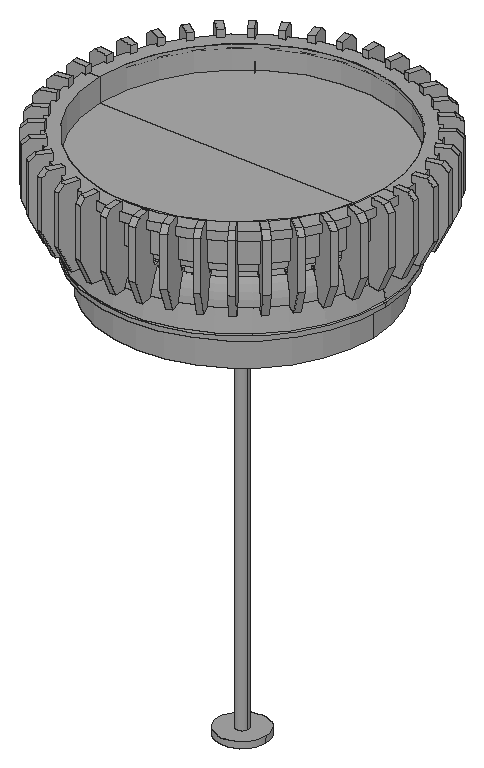
Revit family "KSL_Kemlux-Pendant", category Lighting Fixtures, host Face, Revit 2021
Family settings
  Host = Face
  Round Connector Dimension = Use Diameter
  Part Type = Normal
  OmniClass Number = 23.80.70.14
  OmniClass Title = Luminaries for External Lighting
  Cut with Voids When Loaded = No
  Light Source = Yes
  Shared = No
  Room Calculation Point = No
Parameters (values of type "KSL-18L-X-5K-5M")
  Wattage Comments = "43 Watts"
  Wattage = 43 W
  Watt = 43 W
  built-in parameter 1150110 = 1 (stored number, unit not read)
  Voltage = 277 V
  URL = "https://www.currentlighting.com/columbia"
  built-in parameter 1114217 = 1 (stored number, unit not read)
  Tilt Angle = -90.00°
  built-in parameter 1150109 = 1 (stored number, unit not read)
  built-in parameter 1150134 = 2
  built-in parameter 1150113 = 1 (stored number, unit not read)
  Product Page URL = ""
  Product Documentation Link = ""
  Power Factor = 1
  Photometric Web File = "KXL-18L-X-5K-5M.ies"
  Pendant Height [instance] = 1' - 10 3/4"
  Optics = "Type V Square"
  Mount = "Pendant Mount"  # constant formula
  Model = "KSL - Kemlux III LED Series"  # constant formula
  Material Finish = Powdercoat - Gray
  Manufacturer = " Columbia Lighting"  # constant formula
  built-in parameter 1150105 = 352.45 (stored number, unit not read)
  Lumens = 4429 lm
  built-in parameter 1150115 = 1 (stored number, unit not read)
  Load Classification = Lighting
  built-in parameter 1150137 = (empty or 0)
  built-in parameter 1150139 = (empty or 0)
  built-in parameter 1150112 = 1 (stored number, unit not read)
  built-in parameter 1150114 = 1 (stored number, unit not read)
  Lamp = "18 High Performanc LEDs"
  built-in parameter 1150132 = (empty or 0)
  built-in parameter 1150102 = (empty or 0)
  built-in parameter 1150107 = 5000 (stored number, unit not read)
  built-in parameter 1150138 = (empty or 0)
  built-in parameter 1150106 = 3.5245 (stored number, unit not read)
  Glass = White Glass
  Emit from Circle Diameter = 0' - 11"
  Emit Shape Visible in Rendering = no
  built-in parameter 1150104 = 9.569 (stored number, unit not read)
  Dimming Lamp Color Temperature Shift = <None>
  Description = "Enclosed and gasketed LED fixture series"  # constant formula
  Default Elevation = 4' - 0"
  Color Filter = 16777215
  built-in parameter 1114218 = 1 (stored number, unit not read)
  built-in parameter 1150133 = 10 (stored number, unit not read)
  Apparent Load = Watt / Power Factor  # 43 VA
Reference planes (in)
  plane 1 "Center (Front/Back)": y = 0
  plane 2: z = 0
  plane 3 "Center (Left/Right)": x = 0
  plane 4: z = 0.25
  plane 5: z = 16.75
  plane 6: z = 22.75
  plane 7: z = 18.06
Forms (in)
  Extrusion 1, solid, material "Powdercoat - Gray" <- "Material Finish"
    sketch origin (0, 0, 0) x (1, 0, 0) y (0, 1, 0)
      loop
        circle (0, 0) r 1
    from 0 to 0.25
  Extrusion 2, solid, material "Powdercoat - Gray" <- "Material Finish"
    sketch origin (0, 0, 0) x (1, 0, 0) y (0, 1, 0)
      loop
        circle (0, 0) r 0.25
    from 16.75 to 0.25
  Extrusion 3, solid, material "Powdercoat - Gray" <- "Material Finish"
    sketch origin (0, 0, 0) x (1, 0, 0) y (0, 1, 0)
      loop
        circle (0, 0) r 5.5
    from 18.06 to 16.75
Lines and regions (in)
  reference lines
    curve 1: line (-5.55547, 0, 5.53932) -> (10.19453, 0, 5.53932)
    curve 2: line (7.29478, 0, 7.53677) -> (-0.62911, 0, -2.76915)
Dimensions and locks (in)
  locked: plane 4 to plane 2 at 0.25
  locked: plane 6 to plane 5 at 6
  locked: plane 7 to plane 5 at 1.31
  "Pendant Height": plane 6 to plane 2
  radius of Extrusion 3 sketch curve = 0' - 5 1/2"
  aligned and locked: plane 2 to host face
  aligned and locked: level to host face
  aligned and locked: plane 3 "Center (Left/Right)" to imposter light
  aligned and locked: imposter light to plane 1 "Center (Front/Back)"
  aligned and locked: plane 4 to Extrusion 1
  aligned and locked: Extrusion 1 to plane 2
  aligned and locked: plane 5 to Extrusion 2
  aligned and locked: Extrusion 2 to Extrusion 1
  aligned and locked: plane 7 to Extrusion 3
  aligned and locked: Extrusion 3 to plane 5
  aligned and locked: plane 3 "Center (Left/Right)" to nested 1
  aligned and locked: plane 1 "Center (Front/Back)" to nested 1
  aligned and locked: imposter light to plane 6
Automatic sketch dimensions
  host sketch curve to host sketch curve = 8' - 0"  (x2)
  curve 1 to plane 3 "Center (Left/Right)" = 0' - 5.55547"
  curve 2 to plane 3 "Center (Left/Right)" = 0' - 0.62911"
  plane 3 "Center (Left/Right)" to curve 2 = 0' - 7.29478"
  curve 2 to curve 1 = 0' - 2.89976"
  curve 2 to level = 0' - 2.76915"
  plane 4 to curve 1 = 0' - 5.28932"
  curve 1 to curve 2 = 0' - 1.99745"
  plane 1 "Center (Front/Back)" to Extrusion 1 sketch curve = 0' - 0"
  Extrusion 1 sketch curve to plane 3 "Center (Left/Right)" = 0' - 0"
  plane 1 "Center (Front/Back)" to Extrusion 2 sketch curve = 0' - 0"
  Extrusion 2 sketch curve to plane 3 "Center (Left/Right)" = 0' - 0"
  plane 1 "Center (Front/Back)" to Extrusion 3 sketch curve = 0' - 0"
  Extrusion 3 sketch curve to plane 3 "Center (Left/Right)" = 0' - 0"
  radius of Extrusion 1 sketch curve = 0' - 1"
  radius of Extrusion 2 sketch curve = 0' - 0 1/4"
Nested families (in)
  nested 1: "KSL" at (0, 0, 18.06), type "KSL"
Connectors (in)
  electrical at (0, 0, 0), driven by "Load Classification", driven by "Voltage", driven by "Apparent Load", driven by "Power Factor"
    settings: on Extrusion 1, index 1, voltage 277 V, apparent load 43 VA, apparent load phase1 0 VA, apparent load phase2 0 VA, apparent load phase3 0 VA, power factor 1, load classification "Lighting", number of poles 1, system type 30, power factor state 1, is connector primary yes, connector utility no, sub classification motor no, connector description "Lighting Connector"
Definition of nested family "KSL"
  Parameters
    Wattage Comments = ""
    URL = ""
    Model = ""
    Material Finish = none
    Manufacturer = ""
    Lamp = ""
    IES FILE LINK = ""
    Glass = none
    Description = ""
    Default Elevation = 4' - 0"
    Apparent Load = 0 VA
  Reference planes (in)
    plane 1 "Center (Front/Back)": y = 0
    plane 2: z = 0
    plane 3 "Center (Left/Right)": x = 0
    plane 4: x = -7.25
    plane 5: x = 7.25
    plane 6: x = -5.5
    plane 7: x = 5.5
  Forms (in)
    Extrusion 1, solid
      sketch origin (0, 0, 0) x (1, 0, 0) y (0, 1, 0)
        loop
          line (-48, 48) -> (-48, -48) -> (48, -48) -> (48, 48) -> (-48, 48)
      from 0 to -12
    Revolve 2, solid, material <- "Material Finish"
      sketch origin (0, 0, -1.3125) x (1, 0, 0) y (0, 0, 1)
        loop
          line (5.73742, 2.6875) -> (6.24933, 2.6875)
          arc (6.24933, 2.6875) -> (6.15662, 3.19814) -> (5.89032, 3.6436) r 1.45262
          line (5.89032, 3.6436) -> (5.5, 3.6436) -> (5.5, 4.37254) -> (6.34375, 4.37254) -> (6.34375, 5.37007) -> (6.59375, 5.37007) -> (6.59375, 5.71977) -> (5.95302, 5.71977) -> (5.95302, 4.75) -> (0, 4.75) -> (0, 1.3125) -> (6, 1.3125) -> (6, 1.47979) -> (5.5, 1.47979) -> (5.5, 1.5625) -> (5.99031, 1.5625) -> (5.73742, 2.6875)
        axis (0, 5.71977) -> (0, 1.3125)
      angle from 0 to 360
    Extrusion 3, solid, material <- "Glass"
      sketch origin (0, 0, -1.3125) x (1, 0, 0) y (0, 1, 0)
        loop
          circle (0, 0) r 5.95302
      from 5.71977 to 5.56262
    Extrusion 4, solid, material <- "Material Finish"
      sketch origin (0, 0, -1.3125) x (1, 0, 0) y (0, 0, 1)
        loop
          line (6.42821, 6) -> (6.42821, 5.66655) -> (6.045, 3.7335) -> (5.75, 3.7335) -> (5.75, 3.06247) -> (6.1875, 3.06247) -> (6.31956, 2.66852) -> (6.75, 2.66852) -> (7.25, 3.69367) -> (7.25, 5.75) -> (7, 6) -> (6.42821, 6)
      from 0.125 to -0.125
    Extrusion 5, solid, material <- "Material Finish"
      sketch origin (0, 0, -1.3125) x (0.987688, -0.156434, 0) y (0, 0, 1)
        loop
          line (6.42821, 6) -> (6.42821, 5.66655) -> (6.045, 3.7335) -> (5.75, 3.7335) -> (5.75, 3.06247) -> (6.1875, 3.06247) -> (6.31956, 2.66852) -> (6.75, 2.66852) -> (7.25, 3.69367) -> (7.25, 5.75) -> (7, 6) -> (6.42821, 6)
      from 0.125 to -0.125
    Extrusion 6, solid, material <- "Material Finish"
      sketch origin (0, 0, -1.3125) x (0.951057, -0.309017, 0) y (0, 0, 1)
        loop
          line (6.42821, 6) -> (6.42821, 5.66655) -> (6.045, 3.7335) -> (5.75, 3.7335) -> (5.75, 3.06247) -> (6.1875, 3.06247) -> (6.31956, 2.66852) -> (6.75, 2.66852) -> (7.25, 3.69367) -> (7.25, 5.75) -> (7, 6) -> (6.42821, 6)
      from 0.125 to -0.125
    Extrusion 7, solid, material <- "Material Finish"
      sketch origin (0, 0, -1.3125) x (0.891007, -0.45399, 0) y (0, 0, 1)
        loop
          line (6.42821, 6) -> (6.42821, 5.66655) -> (6.045, 3.7335) -> (5.75, 3.7335) -> (5.75, 3.06247) -> (6.1875, 3.06247) -> (6.31956, 2.66852) -> (6.75, 2.66852) -> (7.25, 3.69367) -> (7.25, 5.75) -> (7, 6) -> (6.42821, 6)
      from 0.125 to -0.125
    Extrusion 8, solid, material <- "Material Finish"
      sketch origin (0, 0, -1.3125) x (0.809017, -0.587785, 0) y (0, 0, 1)
        loop
          line (6.42821, 6) -> (6.42821, 5.66655) -> (6.045, 3.7335) -> (5.75, 3.7335) -> (5.75, 3.06247) -> (6.1875, 3.06247) -> (6.31956, 2.66852) -> (6.75, 2.66852) -> (7.25, 3.69367) -> (7.25, 5.75) -> (7, 6) -> (6.42821, 6)
      from 0.125 to -0.125
    Extrusion 9, solid, material <- "Material Finish"
      sketch origin (0, 0, -1.3125) x (0.707107, -0.707107, 0) y (0, 0, 1)
        loop
          line (6.42821, 6) -> (6.42821, 5.66655) -> (6.045, 3.7335) -> (5.75, 3.7335) -> (5.75, 3.06247) -> (6.1875, 3.06247) -> (6.31956, 2.66852) -> (6.75, 2.66852) -> (7.25, 3.69367) -> (7.25, 5.75) -> (7, 6) -> (6.42821, 6)
      from 0.125 to -0.125
    Extrusion 10, solid, material <- "Material Finish"
      sketch origin (0, 0, -1.3125) x (0.587785, -0.809017, 0) y (0, 0, 1)
        loop
          line (6.42821, 6) -> (6.42821, 5.66655) -> (6.045, 3.7335) -> (5.75, 3.7335) -> (5.75, 3.06247) -> (6.1875, 3.06247) -> (6.31956, 2.66852) -> (6.75, 2.66852) -> (7.25, 3.69367) -> (7.25, 5.75) -> (7, 6) -> (6.42821, 6)
      from 0.125 to -0.125
    Extrusion 11, solid, material <- "Material Finish"
      sketch origin (0, 0, -1.3125) x (0.45399, -0.891007, 0) y (0, 0, 1)
        loop
          line (6.42821, 6) -> (6.42821, 5.66655) -> (6.045, 3.7335) -> (5.75, 3.7335) -> (5.75, 3.06247) -> (6.1875, 3.06247) -> (6.31956, 2.66852) -> (6.75, 2.66852) -> (7.25, 3.69367) -> (7.25, 5.75) -> (7, 6) -> (6.42821, 6)
      from 0.125 to -0.125
    Extrusion 12, solid, material <- "Material Finish"
      sketch origin (0, 0, -1.3125) x (0.309017, -0.951057, 0) y (0, 0, 1)
        loop
          line (6.42821, 6) -> (6.42821, 5.66655) -> (6.045, 3.7335) -> (5.75, 3.7335) -> (5.75, 3.06247) -> (6.1875, 3.06247) -> (6.31956, 2.66852) -> (6.75, 2.66852) -> (7.25, 3.69367) -> (7.25, 5.75) -> (7, 6) -> (6.42821, 6)
      from 0.125 to -0.125
    Extrusion 13, solid, material <- "Material Finish"
      sketch origin (0, 0, -1.3125) x (0.156434, -0.987688, 0) y (0, 0, 1)
        loop
          line (6.42821, 6) -> (6.42821, 5.66655) -> (6.045, 3.7335) -> (5.75, 3.7335) -> (5.75, 3.06247) -> (6.1875, 3.06247) -> (6.31956, 2.66852) -> (6.75, 2.66852) -> (7.25, 3.69367) -> (7.25, 5.75) -> (7, 6) -> (6.42821, 6)
      from 0.125 to -0.125
    Extrusion 14, solid, material <- "Material Finish"
      sketch origin (0, 0, -1.3125) x (0, -1, 0) y (0, 0, 1)
        loop
          line (6.42821, 6) -> (6.42821, 5.66655) -> (6.045, 3.7335) -> (5.75, 3.7335) -> (5.75, 3.06247) -> (6.1875, 3.06247) -> (6.31956, 2.66852) -> (6.75, 2.66852) -> (7.25, 3.69367) -> (7.25, 5.75) -> (7, 6) -> (6.42821, 6)
      from 0.125 to -0.125
    Extrusion 15, solid, material <- "Material Finish"
      sketch origin (0, 0, -1.3125) x (-0.156434, -0.987688, 0) y (0, 0, 1)
        loop
          line (6.42821, 6) -> (6.42821, 5.66655) -> (6.045, 3.7335) -> (5.75, 3.7335) -> (5.75, 3.06247) -> (6.1875, 3.06247) -> (6.31956, 2.66852) -> (6.75, 2.66852) -> (7.25, 3.69367) -> (7.25, 5.75) -> (7, 6) -> (6.42821, 6)
      from 0.125 to -0.125
    Extrusion 16, solid, material <- "Material Finish"
      sketch origin (0, 0, -1.3125) x (-0.309017, -0.951057, 0) y (0, 0, 1)
        loop
          line (6.42821, 6) -> (6.42821, 5.66655) -> (6.045, 3.7335) -> (5.75, 3.7335) -> (5.75, 3.06247) -> (6.1875, 3.06247) -> (6.31956, 2.66852) -> (6.75, 2.66852) -> (7.25, 3.69367) -> (7.25, 5.75) -> (7, 6) -> (6.42821, 6)
      from 0.125 to -0.125
    Extrusion 17, solid, material <- "Material Finish"
      sketch origin (0, 0, -1.3125) x (-0.45399, -0.891007, 0) y (0, 0, 1)
        loop
          line (6.42821, 6) -> (6.42821, 5.66655) -> (6.045, 3.7335) -> (5.75, 3.7335) -> (5.75, 3.06247) -> (6.1875, 3.06247) -> (6.31956, 2.66852) -> (6.75, 2.66852) -> (7.25, 3.69367) -> (7.25, 5.75) -> (7, 6) -> (6.42821, 6)
      from 0.125 to -0.125
    Extrusion 18, solid, material <- "Material Finish"
      sketch origin (0, 0, -1.3125) x (-0.587785, -0.809017, 0) y (0, 0, 1)
        loop
          line (6.42821, 6) -> (6.42821, 5.66655) -> (6.045, 3.7335) -> (5.75, 3.7335) -> (5.75, 3.06247) -> (6.1875, 3.06247) -> (6.31956, 2.66852) -> (6.75, 2.66852) -> (7.25, 3.69367) -> (7.25, 5.75) -> (7, 6) -> (6.42821, 6)
      from 0.125 to -0.125
    Extrusion 19, solid, material <- "Material Finish"
      sketch origin (0, 0, -1.3125) x (-0.707107, -0.707107, 0) y (0, 0, 1)
        loop
          line (6.42821, 6) -> (6.42821, 5.66655) -> (6.045, 3.7335) -> (5.75, 3.7335) -> (5.75, 3.06247) -> (6.1875, 3.06247) -> (6.31956, 2.66852) -> (6.75, 2.66852) -> (7.25, 3.69367) -> (7.25, 5.75) -> (7, 6) -> (6.42821, 6)
      from 0.125 to -0.125
    Extrusion 20, solid, material <- "Material Finish"
      sketch origin (0, 0, -1.3125) x (-0.809017, -0.587785, 0) y (0, 0, 1)
        loop
          line (6.42821, 6) -> (6.42821, 5.66655) -> (6.045, 3.7335) -> (5.75, 3.7335) -> (5.75, 3.06247) -> (6.1875, 3.06247) -> (6.31956, 2.66852) -> (6.75, 2.66852) -> (7.25, 3.69367) -> (7.25, 5.75) -> (7, 6) -> (6.42821, 6)
      from 0.125 to -0.125
    Extrusion 21, solid, material <- "Material Finish"
      sketch origin (0, 0, -1.3125) x (-0.891007, -0.45399, 0) y (0, 0, 1)
        loop
          line (6.42821, 6) -> (6.42821, 5.66655) -> (6.045, 3.7335) -> (5.75, 3.7335) -> (5.75, 3.06247) -> (6.1875, 3.06247) -> (6.31956, 2.66852) -> (6.75, 2.66852) -> (7.25, 3.69367) -> (7.25, 5.75) -> (7, 6) -> (6.42821, 6)
      from 0.125 to -0.125
    Extrusion 22, solid, material <- "Material Finish"
      sketch origin (0, 0, -1.3125) x (-0.951057, -0.309017, 0) y (0, 0, 1)
        loop
          line (6.42821, 6) -> (6.42821, 5.66655) -> (6.045, 3.7335) -> (5.75, 3.7335) -> (5.75, 3.06247) -> (6.1875, 3.06247) -> (6.31956, 2.66852) -> (6.75, 2.66852) -> (7.25, 3.69367) -> (7.25, 5.75) -> (7, 6) -> (6.42821, 6)
      from 0.125 to -0.125
    Extrusion 23, solid, material <- "Material Finish"
      sketch origin (0, 0, -1.3125) x (-0.987688, -0.156434, 0) y (0, 0, 1)
        loop
          line (6.42821, 6) -> (6.42821, 5.66655) -> (6.045, 3.7335) -> (5.75, 3.7335) -> (5.75, 3.06247) -> (6.1875, 3.06247) -> (6.31956, 2.66852) -> (6.75, 2.66852) -> (7.25, 3.69367) -> (7.25, 5.75) -> (7, 6) -> (6.42821, 6)
      from 0.125 to -0.125
    Extrusion 24, solid, material <- "Material Finish"
      sketch origin (0, 0, -1.3125) x (-1, 0, 0) y (0, 0, 1)
        loop
          line (6.42821, 6) -> (6.42821, 5.66655) -> (6.045, 3.7335) -> (5.75, 3.7335) -> (5.75, 3.06247) -> (6.1875, 3.06247) -> (6.31956, 2.66852) -> (6.75, 2.66852) -> (7.25, 3.69367) -> (7.25, 5.75) -> (7, 6) -> (6.42821, 6)
      from 0.125 to -0.125
    Extrusion 25, solid, material <- "Material Finish"
      sketch origin (0, 0, -1.3125) x (-0.987688, 0.156434, 0) y (0, 0, 1)
        loop
          line (6.42821, 6) -> (6.42821, 5.66655) -> (6.045, 3.7335) -> (5.75, 3.7335) -> (5.75, 3.06247) -> (6.1875, 3.06247) -> (6.31956, 2.66852) -> (6.75, 2.66852) -> (7.25, 3.69367) -> (7.25, 5.75) -> (7, 6) -> (6.42821, 6)
      from 0.125 to -0.125
    Extrusion 26, solid, material <- "Material Finish"
      sketch origin (0, 0, -1.3125) x (-0.951057, 0.309017, 0) y (0, 0, 1)
        loop
          line (6.42821, 6) -> (6.42821, 5.66655) -> (6.045, 3.7335) -> (5.75, 3.7335) -> (5.75, 3.06247) -> (6.1875, 3.06247) -> (6.31956, 2.66852) -> (6.75, 2.66852) -> (7.25, 3.69367) -> (7.25, 5.75) -> (7, 6) -> (6.42821, 6)
      from 0.125 to -0.125
    Extrusion 27, solid, material <- "Material Finish"
      sketch origin (0, 0, -1.3125) x (-0.891007, 0.45399, 0) y (0, 0, 1)
        loop
          line (6.42821, 6) -> (6.42821, 5.66655) -> (6.045, 3.7335) -> (5.75, 3.7335) -> (5.75, 3.06247) -> (6.1875, 3.06247) -> (6.31956, 2.66852) -> (6.75, 2.66852) -> (7.25, 3.69367) -> (7.25, 5.75) -> (7, 6) -> (6.42821, 6)
      from 0.125 to -0.125
    Extrusion 28, solid, material <- "Material Finish"
      sketch origin (0, 0, -1.3125) x (-0.809017, 0.587785, 0) y (0, 0, 1)
        loop
          line (6.42821, 6) -> (6.42821, 5.66655) -> (6.045, 3.7335) -> (5.75, 3.7335) -> (5.75, 3.06247) -> (6.1875, 3.06247) -> (6.31956, 2.66852) -> (6.75, 2.66852) -> (7.25, 3.69367) -> (7.25, 5.75) -> (7, 6) -> (6.42821, 6)
      from 0.125 to -0.125
    Extrusion 29, solid, material <- "Material Finish"
      sketch origin (0, 0, -1.3125) x (-0.707107, 0.707107, 0) y (0, 0, 1)
        loop
          line (6.42821, 6) -> (6.42821, 5.66655) -> (6.045, 3.7335) -> (5.75, 3.7335) -> (5.75, 3.06247) -> (6.1875, 3.06247) -> (6.31956, 2.66852) -> (6.75, 2.66852) -> (7.25, 3.69367) -> (7.25, 5.75) -> (7, 6) -> (6.42821, 6)
      from 0.125 to -0.125
    Extrusion 30, solid, material <- "Material Finish"
      sketch origin (0, 0, -1.3125) x (-0.587785, 0.809017, 0) y (0, 0, 1)
        loop
          line (6.42821, 6) -> (6.42821, 5.66655) -> (6.045, 3.7335) -> (5.75, 3.7335) -> (5.75, 3.06247) -> (6.1875, 3.06247) -> (6.31956, 2.66852) -> (6.75, 2.66852) -> (7.25, 3.69367) -> (7.25, 5.75) -> (7, 6) -> (6.42821, 6)
      from 0.125 to -0.125
    Extrusion 31, solid, material <- "Material Finish"
      sketch origin (0, 0, -1.3125) x (-0.45399, 0.891007, 0) y (0, 0, 1)
        loop
          line (6.42821, 6) -> (6.42821, 5.66655) -> (6.045, 3.7335) -> (5.75, 3.7335) -> (5.75, 3.06247) -> (6.1875, 3.06247) -> (6.31956, 2.66852) -> (6.75, 2.66852) -> (7.25, 3.69367) -> (7.25, 5.75) -> (7, 6) -> (6.42821, 6)
      from 0.125 to -0.125
    Extrusion 32, solid, material <- "Material Finish"
      sketch origin (0, 0, -1.3125) x (-0.309017, 0.951057, 0) y (0, 0, 1)
        loop
          line (6.42821, 6) -> (6.42821, 5.66655) -> (6.045, 3.7335) -> (5.75, 3.7335) -> (5.75, 3.06247) -> (6.1875, 3.06247) -> (6.31956, 2.66852) -> (6.75, 2.66852) -> (7.25, 3.69367) -> (7.25, 5.75) -> (7, 6) -> (6.42821, 6)
      from 0.125 to -0.125
    Extrusion 33, solid, material <- "Material Finish"
      sketch origin (0, 0, -1.3125) x (-0.156434, 0.987688, 0) y (0, 0, 1)
        loop
          line (6.42821, 6) -> (6.42821, 5.66655) -> (6.045, 3.7335) -> (5.75, 3.7335) -> (5.75, 3.06247) -> (6.1875, 3.06247) -> (6.31956, 2.66852) -> (6.75, 2.66852) -> (7.25, 3.69367) -> (7.25, 5.75) -> (7, 6) -> (6.42821, 6)
      from 0.125 to -0.125
    Extrusion 34, solid, material <- "Material Finish"
      sketch origin (0, 0, -1.3125) x (0, 1, 0) y (0, 0, 1)
        loop
          line (6.42821, 6) -> (6.42821, 5.66655) -> (6.045, 3.7335) -> (5.75, 3.7335) -> (5.75, 3.06247) -> (6.1875, 3.06247) -> (6.31956, 2.66852) -> (6.75, 2.66852) -> (7.25, 3.69367) -> (7.25, 5.75) -> (7, 6) -> (6.42821, 6)
      from 0.125 to -0.125
    Extrusion 35, solid, material <- "Material Finish"
      sketch origin (0, 0, -1.3125) x (0.156434, 0.987688, 0) y (0, 0, 1)
        loop
          line (6.42821, 6) -> (6.42821, 5.66655) -> (6.045, 3.7335) -> (5.75, 3.7335) -> (5.75, 3.06247) -> (6.1875, 3.06247) -> (6.31956, 2.66852) -> (6.75, 2.66852) -> (7.25, 3.69367) -> (7.25, 5.75) -> (7, 6) -> (6.42821, 6)
      from 0.125 to -0.125
    Extrusion 36, solid, material <- "Material Finish"
      sketch origin (0, 0, -1.3125) x (0.309017, 0.951057, 0) y (0, 0, 1)
        loop
          line (6.42821, 6) -> (6.42821, 5.66655) -> (6.045, 3.7335) -> (5.75, 3.7335) -> (5.75, 3.06247) -> (6.1875, 3.06247) -> (6.31956, 2.66852) -> (6.75, 2.66852) -> (7.25, 3.69367) -> (7.25, 5.75) -> (7, 6) -> (6.42821, 6)
      from 0.125 to -0.125
    Extrusion 37, solid, material <- "Material Finish"
      sketch origin (0, 0, -1.3125) x (0.45399, 0.891007, 0) y (0, 0, 1)
        loop
          line (6.42821, 6) -> (6.42821, 5.66655) -> (6.045, 3.7335) -> (5.75, 3.7335) -> (5.75, 3.06247) -> (6.1875, 3.06247) -> (6.31956, 2.66852) -> (6.75, 2.66852) -> (7.25, 3.69367) -> (7.25, 5.75) -> (7, 6) -> (6.42821, 6)
      from 0.125 to -0.125
    Extrusion 38, solid, material <- "Material Finish"
      sketch origin (0, 0, -1.3125) x (0.587785, 0.809017, 0) y (0, 0, 1)
        loop
          line (6.42821, 6) -> (6.42821, 5.66655) -> (6.045, 3.7335) -> (5.75, 3.7335) -> (5.75, 3.06247) -> (6.1875, 3.06247) -> (6.31956, 2.66852) -> (6.75, 2.66852) -> (7.25, 3.69367) -> (7.25, 5.75) -> (7, 6) -> (6.42821, 6)
      from 0.125 to -0.125
    Extrusion 39, solid, material <- "Material Finish"
      sketch origin (0, 0, -1.3125) x (0.707107, 0.707107, 0) y (0, 0, 1)
        loop
          line (6.42821, 6) -> (6.42821, 5.66655) -> (6.045, 3.7335) -> (5.75, 3.7335) -> (5.75, 3.06247) -> (6.1875, 3.06247) -> (6.31956, 2.66852) -> (6.75, 2.66852) -> (7.25, 3.69367) -> (7.25, 5.75) -> (7, 6) -> (6.42821, 6)
      from 0.125 to -0.125
    Extrusion 40, solid, material <- "Material Finish"
      sketch origin (0, 0, -1.3125) x (0.809017, 0.587785, 0) y (0, 0, 1)
        loop
          line (6.42821, 6) -> (6.42821, 5.66655) -> (6.045, 3.7335) -> (5.75, 3.7335) -> (5.75, 3.06247) -> (6.1875, 3.06247) -> (6.31956, 2.66852) -> (6.75, 2.66852) -> (7.25, 3.69367) -> (7.25, 5.75) -> (7, 6) -> (6.42821, 6)
      from 0.125 to -0.125
    Extrusion 41, solid, material <- "Material Finish"
      sketch origin (0, 0, -1.3125) x (0.891007, 0.45399, 0) y (0, 0, 1)
        loop
          line (6.42821, 6) -> (6.42821, 5.66655) -> (6.045, 3.7335) -> (5.75, 3.7335) -> (5.75, 3.06247) -> (6.1875, 3.06247) -> (6.31956, 2.66852) -> (6.75, 2.66852) -> (7.25, 3.69367) -> (7.25, 5.75) -> (7, 6) -> (6.42821, 6)
      from 0.125 to -0.125
    Extrusion 42, solid, material <- "Material Finish"
      sketch origin (0, 0, -1.3125) x (0.951057, 0.309017, 0) y (0, 0, 1)
        loop
          line (6.42821, 6) -> (6.42821, 5.66655) -> (6.045, 3.7335) -> (5.75, 3.7335) -> (5.75, 3.06247) -> (6.1875, 3.06247) -> (6.31956, 2.66852) -> (6.75, 2.66852) -> (7.25, 3.69367) -> (7.25, 5.75) -> (7, 6) -> (6.42821, 6)
      from 0.125 to -0.125
    Extrusion 43, solid, material <- "Material Finish"
      sketch origin (0, 0, -1.3125) x (0.987688, 0.156434, 0) y (0, 0, 1)
        loop
          line (6.42821, 6) -> (6.42821, 5.66655) -> (6.045, 3.7335) -> (5.75, 3.7335) -> (5.75, 3.06247) -> (6.1875, 3.06247) -> (6.31956, 2.66852) -> (6.75, 2.66852) -> (7.25, 3.69367) -> (7.25, 5.75) -> (7, 6) -> (6.42821, 6)
      from 0.125 to -0.125
  Lines and regions (in)
    reference lines
      curve 1: line (5.95302, 0, 4.75) -> (0, 0, 4.75)
      curve 2: line (5.95302, 0, 5.92266) -> (5.95302, 0, 4.75)
      curve 3: line (6.59375, 0, 5.37007) -> (6.59375, 0, 5.92266)
      curve 4: line (6.34375, 0, 5.37007) -> (6.59375, 0, 5.37007)
      curve 5: line (6.34375, 0, 4.37254) -> (5.5, 0, 4.37254)
      curve 6: line (6.34375, 0, 4.37254) -> (6.34375, 0, 5.37007)
      curve 7: arc (6.25, 0, 2.75) -> (6.14885, 0, 3.28681) -> (5.85927, 0, 3.75) r 1.47501
      curve 8: line (5.85927, 0, 2.75) -> (6.25, 0, 2.75)
      curve 9: line (5.85927, 0, 2.75) -> (5.85927, 0, 1.75)
      curve 10: line (5.85927, 0, 1.75) -> (4.74529, 0, 1.75)
      curve 11: line (5.85927, 0, 3.75) -> (4.8978, 0, 3.75)
      curve 12: line (5.10824, 0, 5.71977) -> (6.99125, 0, 5.71977)
  Dimensions and locks (in)
    equal spacing: plane 5, plane 3 "Center (Left/Right)", plane 4
    locked: plane 5 to plane 4 at 14.5
    equal spacing: plane 7, plane 3 "Center (Left/Right)", plane 6, locked at 5.5 each
    aligned and locked: plane 2 to Extrusion 1
    aligned and locked: level to Extrusion 1
    aligned and locked: Extrusion 3 sketch curve to Revolve 2
  Automatic sketch dimensions
    Extrusion 4 sketch curve to Extrusion 4 sketch curve = 0' - 0 7/16"
    Extrusion 4 sketch curve to Extrusion 4 sketch curve = 0' - 0.13206"
    Extrusion 4 sketch curve to Extrusion 4 sketch curve = 0' - 0.295"
    Extrusion 4 sketch curve to Extrusion 4 sketch curve = 0' - 0.38321"
    Extrusion 4 sketch curve to Extrusion 4 sketch curve = 0' - 0.43044"
    Extrusion 4 sketch curve to Extrusion 4 sketch curve = 0' - 0.57179"
    Extrusion 4 sketch curve to Extrusion 4 sketch curve = 0' - 0 1/4"  (x2)
    Extrusion 4 sketch curve to Extrusion 4 sketch curve = 0' - 0.39395"
    Extrusion 4 sketch curve to Extrusion 4 sketch curve = 0' - 1.02515"
    Extrusion 4 sketch curve to Extrusion 4 sketch curve = 0' - 0.67103"
    Extrusion 4 sketch curve to Extrusion 4 sketch curve = 0' - 1.93305"
    Extrusion 4 sketch curve to Extrusion 4 sketch curve = 0' - 0.08345"
    Extrusion 5 sketch curve to Extrusion 5 sketch curve = 0' - 0 7/16"
    Extrusion 5 sketch curve to Extrusion 5 sketch curve = 0' - 0.13206"
    Extrusion 5 sketch curve to Extrusion 5 sketch curve = 0' - 0.295"
    Extrusion 5 sketch curve to Extrusion 5 sketch curve = 0' - 0.38321"
    Extrusion 5 sketch curve to Extrusion 5 sketch curve = 0' - 0.43044"
    Extrusion 5 sketch curve to Extrusion 5 sketch curve = 0' - 0.57179"
    Extrusion 5 sketch curve to Extrusion 5 sketch curve = 0' - 0 1/4"  (x2)
    Extrusion 5 sketch curve to Extrusion 5 sketch curve = 0' - 0.39395"
    Extrusion 5 sketch curve to Extrusion 5 sketch curve = 0' - 1.02515"
    Extrusion 5 sketch curve to Extrusion 5 sketch curve = 0' - 0.67103"
    Extrusion 5 sketch curve to Extrusion 5 sketch curve = 0' - 1.93305"
    Extrusion 5 sketch curve to Extrusion 5 sketch curve = 0' - 0.08345"
    Extrusion 6 sketch curve to Extrusion 6 sketch curve = 0' - 0 7/16"
    Extrusion 6 sketch curve to Extrusion 6 sketch curve = 0' - 0.13206"
    Extrusion 6 sketch curve to Extrusion 6 sketch curve = 0' - 0.295"
    Extrusion 6 sketch curve to Extrusion 6 sketch curve = 0' - 0.38321"
    Extrusion 6 sketch curve to Extrusion 6 sketch curve = 0' - 0.43044"
    Extrusion 6 sketch curve to Extrusion 6 sketch curve = 0' - 0.57179"
    Extrusion 6 sketch curve to Extrusion 6 sketch curve = 0' - 0 1/4"  (x2)
    Extrusion 6 sketch curve to Extrusion 6 sketch curve = 0' - 0.39395"
    Extrusion 6 sketch curve to Extrusion 6 sketch curve = 0' - 1.02515"
    Extrusion 6 sketch curve to Extrusion 6 sketch curve = 0' - 0.67103"
    Extrusion 6 sketch curve to Extrusion 6 sketch curve = 0' - 1.93305"
    Extrusion 6 sketch curve to Extrusion 6 sketch curve = 0' - 0.08345"
    Extrusion 7 sketch curve to Extrusion 7 sketch curve = 0' - 0 7/16"
    Extrusion 7 sketch curve to Extrusion 7 sketch curve = 0' - 0.13206"
    Extrusion 7 sketch curve to Extrusion 7 sketch curve = 0' - 0.295"
    Extrusion 7 sketch curve to Extrusion 7 sketch curve = 0' - 0.38321"
    Extrusion 7 sketch curve to Extrusion 7 sketch curve = 0' - 0.43044"
    Extrusion 7 sketch curve to Extrusion 7 sketch curve = 0' - 0.57179"
    Extrusion 7 sketch curve to Extrusion 7 sketch curve = 0' - 0 1/4"  (x2)
    Extrusion 7 sketch curve to Extrusion 7 sketch curve = 0' - 0.39395"
    Extrusion 7 sketch curve to Extrusion 7 sketch curve = 0' - 1.02515"
    Extrusion 7 sketch curve to Extrusion 7 sketch curve = 0' - 0.67103"
    Extrusion 7 sketch curve to Extrusion 7 sketch curve = 0' - 1.93305"
    Extrusion 7 sketch curve to Extrusion 7 sketch curve = 0' - 0.08345"
    Extrusion 8 sketch curve to Extrusion 8 sketch curve = 0' - 0 7/16"
    Extrusion 8 sketch curve to Extrusion 8 sketch curve = 0' - 0.13206"
    Extrusion 8 sketch curve to Extrusion 8 sketch curve = 0' - 0.295"
    Extrusion 8 sketch curve to Extrusion 8 sketch curve = 0' - 0.38321"
    Extrusion 8 sketch curve to Extrusion 8 sketch curve = 0' - 0.43044"
    Extrusion 8 sketch curve to Extrusion 8 sketch curve = 0' - 0.57179"
    Extrusion 8 sketch curve to Extrusion 8 sketch curve = 0' - 0 1/4"  (x2)
    Extrusion 8 sketch curve to Extrusion 8 sketch curve = 0' - 0.39395"
    Extrusion 8 sketch curve to Extrusion 8 sketch curve = 0' - 1.02515"
    Extrusion 8 sketch curve to Extrusion 8 sketch curve = 0' - 0.67103"
    Extrusion 8 sketch curve to Extrusion 8 sketch curve = 0' - 1.93305"
    Extrusion 8 sketch curve to Extrusion 8 sketch curve = 0' - 0.08345"
    Extrusion 9 sketch curve to Extrusion 9 sketch curve = 0' - 0 7/16"
    Extrusion 9 sketch curve to Extrusion 9 sketch curve = 0' - 0.13206"
    Extrusion 9 sketch curve to Extrusion 9 sketch curve = 0' - 0.295"
    Extrusion 9 sketch curve to Extrusion 9 sketch curve = 0' - 0.38321"
    Extrusion 9 sketch curve to Extrusion 9 sketch curve = 0' - 0.43044"
    Extrusion 9 sketch curve to Extrusion 9 sketch curve = 0' - 0.57179"
    Extrusion 9 sketch curve to Extrusion 9 sketch curve = 0' - 0 1/4"  (x2)
    Extrusion 9 sketch curve to Extrusion 9 sketch curve = 0' - 0.39395"
    Extrusion 9 sketch curve to Extrusion 9 sketch curve = 0' - 1.02515"
    Extrusion 9 sketch curve to Extrusion 9 sketch curve = 0' - 0.67103"
    Extrusion 9 sketch curve to Extrusion 9 sketch curve = 0' - 1.93305"
    Extrusion 9 sketch curve to Extrusion 9 sketch curve = 0' - 0.08345"
    Extrusion 10 sketch curve to Extrusion 10 sketch curve = 0' - 0 7/16"
    Extrusion 10 sketch curve to Extrusion 10 sketch curve = 0' - 0.13206"
    Extrusion 10 sketch curve to Extrusion 10 sketch curve = 0' - 0.295"
    Extrusion 10 sketch curve to Extrusion 10 sketch curve = 0' - 0.38321"
    Extrusion 10 sketch curve to Extrusion 10 sketch curve = 0' - 0.43044"
    Extrusion 10 sketch curve to Extrusion 10 sketch curve = 0' - 0.57179"
    Extrusion 10 sketch curve to Extrusion 10 sketch curve = 0' - 0 1/4"  (x2)
    Extrusion 10 sketch curve to Extrusion 10 sketch curve = 0' - 0.39395"
    Extrusion 10 sketch curve to Extrusion 10 sketch curve = 0' - 1.02515"
    Extrusion 10 sketch curve to Extrusion 10 sketch curve = 0' - 0.67103"
    Extrusion 10 sketch curve to Extrusion 10 sketch curve = 0' - 1.93305"
    Extrusion 10 sketch curve to Extrusion 10 sketch curve = 0' - 0.08345"
    Extrusion 11 sketch curve to Extrusion 11 sketch curve = 0' - 0 7/16"
    Extrusion 11 sketch curve to Extrusion 11 sketch curve = 0' - 0.13206"
    Extrusion 11 sketch curve to Extrusion 11 sketch curve = 0' - 0.295"
    Extrusion 11 sketch curve to Extrusion 11 sketch curve = 0' - 0.38321"
    Extrusion 11 sketch curve to Extrusion 11 sketch curve = 0' - 0.43044"
    Extrusion 11 sketch curve to Extrusion 11 sketch curve = 0' - 0.57179"
    Extrusion 11 sketch curve to Extrusion 11 sketch curve = 0' - 0 1/4"  (x2)
    Extrusion 11 sketch curve to Extrusion 11 sketch curve = 0' - 0.39395"
    Extrusion 11 sketch curve to Extrusion 11 sketch curve = 0' - 1.02515"
    Extrusion 11 sketch curve to Extrusion 11 sketch curve = 0' - 0.67103"
    Extrusion 11 sketch curve to Extrusion 11 sketch curve = 0' - 1.93305"
    Extrusion 11 sketch curve to Extrusion 11 sketch curve = 0' - 0.08345"
    Extrusion 12 sketch curve to Extrusion 12 sketch curve = 0' - 0 7/16"
    Extrusion 12 sketch curve to Extrusion 12 sketch curve = 0' - 0.13206"
    Extrusion 12 sketch curve to Extrusion 12 sketch curve = 0' - 0.295"
    Extrusion 12 sketch curve to Extrusion 12 sketch curve = 0' - 0.38321"
    Extrusion 12 sketch curve to Extrusion 12 sketch curve = 0' - 0.43044"
    Extrusion 12 sketch curve to Extrusion 12 sketch curve = 0' - 0.57179"
    Extrusion 12 sketch curve to Extrusion 12 sketch curve = 0' - 0 1/4"  (x2)
    Extrusion 12 sketch curve to Extrusion 12 sketch curve = 0' - 0.39395"
    Extrusion 12 sketch curve to Extrusion 12 sketch curve = 0' - 1.02515"
    Extrusion 12 sketch curve to Extrusion 12 sketch curve = 0' - 0.67103"
    Extrusion 12 sketch curve to Extrusion 12 sketch curve = 0' - 1.93305"
    Extrusion 12 sketch curve to Extrusion 12 sketch curve = 0' - 0.08345"
    Extrusion 13 sketch curve to Extrusion 13 sketch curve = 0' - 0 7/16"
    Extrusion 13 sketch curve to Extrusion 13 sketch curve = 0' - 0.13206"
    Extrusion 13 sketch curve to Extrusion 13 sketch curve = 0' - 0.295"
    Extrusion 13 sketch curve to Extrusion 13 sketch curve = 0' - 0.38321"
    Extrusion 13 sketch curve to Extrusion 13 sketch curve = 0' - 0.43044"
    Extrusion 13 sketch curve to Extrusion 13 sketch curve = 0' - 0.57179"
    Extrusion 13 sketch curve to Extrusion 13 sketch curve = 0' - 0 1/4"  (x2)
    Extrusion 13 sketch curve to Extrusion 13 sketch curve = 0' - 0.39395"
    Extrusion 13 sketch curve to Extrusion 13 sketch curve = 0' - 1.02515"
    Extrusion 13 sketch curve to Extrusion 13 sketch curve = 0' - 0.67103"
    Extrusion 13 sketch curve to Extrusion 13 sketch curve = 0' - 1.93305"
    Extrusion 13 sketch curve to Extrusion 13 sketch curve = 0' - 0.08345"
    Extrusion 14 sketch curve to Extrusion 14 sketch curve = 0' - 0 7/16"
    Extrusion 14 sketch curve to Extrusion 14 sketch curve = 0' - 0.13206"
    Extrusion 14 sketch curve to Extrusion 14 sketch curve = 0' - 0.295"
    Extrusion 14 sketch curve to Extrusion 14 sketch curve = 0' - 0.38321"
    Extrusion 14 sketch curve to Extrusion 14 sketch curve = 0' - 0.43044"
    Extrusion 14 sketch curve to Extrusion 14 sketch curve = 0' - 0.57179"
    Extrusion 14 sketch curve to Extrusion 14 sketch curve = 0' - 0 1/4"  (x2)
    Extrusion 14 sketch curve to Extrusion 14 sketch curve = 0' - 0.39395"
    Extrusion 14 sketch curve to Extrusion 14 sketch curve = 0' - 1.02515"
    Extrusion 14 sketch curve to Extrusion 14 sketch curve = 0' - 0.67103"
    Extrusion 14 sketch curve to Extrusion 14 sketch curve = 0' - 1.93305"
    Extrusion 14 sketch curve to Extrusion 14 sketch curve = 0' - 0.08345"
    Extrusion 15 sketch curve to Extrusion 15 sketch curve = 0' - 0 7/16"
    Extrusion 15 sketch curve to Extrusion 15 sketch curve = 0' - 0.13206"
    Extrusion 15 sketch curve to Extrusion 15 sketch curve = 0' - 0.295"
    Extrusion 15 sketch curve to Extrusion 15 sketch curve = 0' - 0.38321"
    Extrusion 15 sketch curve to Extrusion 15 sketch curve = 0' - 0.43044"
    Extrusion 15 sketch curve to Extrusion 15 sketch curve = 0' - 0.57179"
    Extrusion 15 sketch curve to Extrusion 15 sketch curve = 0' - 0 1/4"  (x2)
    Extrusion 15 sketch curve to Extrusion 15 sketch curve = 0' - 0.39395"
    Extrusion 15 sketch curve to Extrusion 15 sketch curve = 0' - 1.02515"
    Extrusion 15 sketch curve to Extrusion 15 sketch curve = 0' - 0.67103"
    Extrusion 15 sketch curve to Extrusion 15 sketch curve = 0' - 1.93305"
    Extrusion 15 sketch curve to Extrusion 15 sketch curve = 0' - 0.08345"
    Extrusion 16 sketch curve to Extrusion 16 sketch curve = 0' - 0 7/16"
    Extrusion 16 sketch curve to Extrusion 16 sketch curve = 0' - 0.13206"
    Extrusion 16 sketch curve to Extrusion 16 sketch curve = 0' - 0.295"
    Extrusion 16 sketch curve to Extrusion 16 sketch curve = 0' - 0.38321"
    Extrusion 16 sketch curve to Extrusion 16 sketch curve = 0' - 0.43044"
    Extrusion 16 sketch curve to Extrusion 16 sketch curve = 0' - 0.57179"
    Extrusion 16 sketch curve to Extrusion 16 sketch curve = 0' - 0 1/4"  (x2)
    Extrusion 16 sketch curve to Extrusion 16 sketch curve = 0' - 0.39395"
    Extrusion 16 sketch curve to Extrusion 16 sketch curve = 0' - 1.02515"
    Extrusion 16 sketch curve to Extrusion 16 sketch curve = 0' - 0.67103"
    Extrusion 16 sketch curve to Extrusion 16 sketch curve = 0' - 1.93305"
    Extrusion 16 sketch curve to Extrusion 16 sketch curve = 0' - 0.08345"
    Extrusion 17 sketch curve to Extrusion 17 sketch curve = 0' - 0 7/16"
    Extrusion 17 sketch curve to Extrusion 17 sketch curve = 0' - 0.13206"
    Extrusion 17 sketch curve to Extrusion 17 sketch curve = 0' - 0.295"
    Extrusion 17 sketch curve to Extrusion 17 sketch curve = 0' - 0.38321"
    Extrusion 17 sketch curve to Extrusion 17 sketch curve = 0' - 0.43044"
    Extrusion 17 sketch curve to Extrusion 17 sketch curve = 0' - 0.57179"
    Extrusion 17 sketch curve to Extrusion 17 sketch curve = 0' - 0 1/4"  (x2)
    Extrusion 17 sketch curve to Extrusion 17 sketch curve = 0' - 0.39395"
    Extrusion 17 sketch curve to Extrusion 17 sketch curve = 0' - 1.02515"
    Extrusion 17 sketch curve to Extrusion 17 sketch curve = 0' - 0.67103"
    Extrusion 17 sketch curve to Extrusion 17 sketch curve = 0' - 1.93305"
    Extrusion 17 sketch curve to Extrusion 17 sketch curve = 0' - 0.08345"
    Extrusion 18 sketch curve to Extrusion 18 sketch curve = 0' - 0 7/16"
    Extrusion 18 sketch curve to Extrusion 18 sketch curve = 0' - 0.13206"
    Extrusion 18 sketch curve to Extrusion 18 sketch curve = 0' - 0.295"
    Extrusion 18 sketch curve to Extrusion 18 sketch curve = 0' - 0.38321"
    Extrusion 18 sketch curve to Extrusion 18 sketch curve = 0' - 0.43044"
    Extrusion 18 sketch curve to Extrusion 18 sketch curve = 0' - 0.57179"
    Extrusion 18 sketch curve to Extrusion 18 sketch curve = 0' - 0 1/4"  (x2)
    Extrusion 18 sketch curve to Extrusion 18 sketch curve = 0' - 0.39395"
    Extrusion 18 sketch curve to Extrusion 18 sketch curve = 0' - 1.02515"
    Extrusion 18 sketch curve to Extrusion 18 sketch curve = 0' - 0.67103"
    Extrusion 18 sketch curve to Extrusion 18 sketch curve = 0' - 1.93305"
    Extrusion 18 sketch curve to Extrusion 18 sketch curve = 0' - 0.08345"
    Extrusion 19 sketch curve to Extrusion 19 sketch curve = 0' - 0 7/16"
    Extrusion 19 sketch curve to Extrusion 19 sketch curve = 0' - 0.13206"
    Extrusion 19 sketch curve to Extrusion 19 sketch curve = 0' - 0.295"
    Extrusion 19 sketch curve to Extrusion 19 sketch curve = 0' - 0.38321"
    Extrusion 19 sketch curve to Extrusion 19 sketch curve = 0' - 0.43044"
    Extrusion 19 sketch curve to Extrusion 19 sketch curve = 0' - 0.57179"
    Extrusion 19 sketch curve to Extrusion 19 sketch curve = 0' - 0 1/4"  (x2)
    Extrusion 19 sketch curve to Extrusion 19 sketch curve = 0' - 0.39395"
    Extrusion 19 sketch curve to Extrusion 19 sketch curve = 0' - 1.02515"
    Extrusion 19 sketch curve to Extrusion 19 sketch curve = 0' - 0.67103"
    Extrusion 19 sketch curve to Extrusion 19 sketch curve = 0' - 1.93305"
    Extrusion 19 sketch curve to Extrusion 19 sketch curve = 0' - 0.08345"
    Extrusion 20 sketch curve to Extrusion 20 sketch curve = 0' - 0 7/16"
    Extrusion 20 sketch curve to Extrusion 20 sketch curve = 0' - 0.13206"
    Extrusion 20 sketch curve to Extrusion 20 sketch curve = 0' - 0.295"
    Extrusion 20 sketch curve to Extrusion 20 sketch curve = 0' - 0.38321"
    Extrusion 20 sketch curve to Extrusion 20 sketch curve = 0' - 0.43044"
    Extrusion 20 sketch curve to Extrusion 20 sketch curve = 0' - 0.57179"
    Extrusion 20 sketch curve to Extrusion 20 sketch curve = 0' - 0 1/4"  (x2)
    Extrusion 20 sketch curve to Extrusion 20 sketch curve = 0' - 0.39395"
    Extrusion 20 sketch curve to Extrusion 20 sketch curve = 0' - 1.02515"
    Extrusion 20 sketch curve to Extrusion 20 sketch curve = 0' - 0.67103"
    Extrusion 20 sketch curve to Extrusion 20 sketch curve = 0' - 1.93305"
    Extrusion 20 sketch curve to Extrusion 20 sketch curve = 0' - 0.08345"
    Extrusion 21 sketch curve to Extrusion 21 sketch curve = 0' - 0 7/16"
    Extrusion 21 sketch curve to Extrusion 21 sketch curve = 0' - 0.13206"
    Extrusion 21 sketch curve to Extrusion 21 sketch curve = 0' - 0.295"
    Extrusion 21 sketch curve to Extrusion 21 sketch curve = 0' - 0.38321"
    Extrusion 21 sketch curve to Extrusion 21 sketch curve = 0' - 0.43044"
    Extrusion 21 sketch curve to Extrusion 21 sketch curve = 0' - 0.57179"
    Extrusion 21 sketch curve to Extrusion 21 sketch curve = 0' - 0 1/4"  (x2)
    Extrusion 21 sketch curve to Extrusion 21 sketch curve = 0' - 0.39395"
    Extrusion 21 sketch curve to Extrusion 21 sketch curve = 0' - 1.02515"
    Extrusion 21 sketch curve to Extrusion 21 sketch curve = 0' - 0.67103"
    Extrusion 21 sketch curve to Extrusion 21 sketch curve = 0' - 1.93305"
    Extrusion 21 sketch curve to Extrusion 21 sketch curve = 0' - 0.08345"
    Extrusion 22 sketch curve to Extrusion 22 sketch curve = 0' - 0 7/16"
    Extrusion 22 sketch curve to Extrusion 22 sketch curve = 0' - 0.13206"
    Extrusion 22 sketch curve to Extrusion 22 sketch curve = 0' - 0.295"
    Extrusion 22 sketch curve to Extrusion 22 sketch curve = 0' - 0.38321"
    Extrusion 22 sketch curve to Extrusion 22 sketch curve = 0' - 0.43044"
    Extrusion 22 sketch curve to Extrusion 22 sketch curve = 0' - 0.57179"
    Extrusion 22 sketch curve to Extrusion 22 sketch curve = 0' - 0 1/4"  (x2)
    Extrusion 22 sketch curve to Extrusion 22 sketch curve = 0' - 0.39395"
    Extrusion 22 sketch curve to Extrusion 22 sketch curve = 0' - 1.02515"
    Extrusion 22 sketch curve to Extrusion 22 sketch curve = 0' - 0.67103"
    Extrusion 22 sketch curve to Extrusion 22 sketch curve = 0' - 1.93305"
    Extrusion 22 sketch curve to Extrusion 22 sketch curve = 0' - 0.08345"
    Extrusion 23 sketch curve to Extrusion 23 sketch curve = 0' - 0 7/16"
    Extrusion 23 sketch curve to Extrusion 23 sketch curve = 0' - 0.13206"
    Extrusion 23 sketch curve to Extrusion 23 sketch curve = 0' - 0.295"
    Extrusion 23 sketch curve to Extrusion 23 sketch curve = 0' - 0.38321"
    Extrusion 23 sketch curve to Extrusion 23 sketch curve = 0' - 0.43044"
    Extrusion 23 sketch curve to Extrusion 23 sketch curve = 0' - 0.57179"
    Extrusion 23 sketch curve to Extrusion 23 sketch curve = 0' - 0 1/4"  (x2)
    Extrusion 23 sketch curve to Extrusion 23 sketch curve = 0' - 0.39395"
    Extrusion 23 sketch curve to Extrusion 23 sketch curve = 0' - 1.02515"
    Extrusion 23 sketch curve to Extrusion 23 sketch curve = 0' - 0.67103"
    Extrusion 23 sketch curve to Extrusion 23 sketch curve = 0' - 1.93305"
    Extrusion 23 sketch curve to Extrusion 23 sketch curve = 0' - 0.08345"
    Extrusion 24 sketch curve to Extrusion 24 sketch curve = 0' - 0 7/16"
    Extrusion 24 sketch curve to Extrusion 24 sketch curve = 0' - 0.13206"
    Extrusion 24 sketch curve to Extrusion 24 sketch curve = 0' - 0.295"
    Extrusion 24 sketch curve to Extrusion 24 sketch curve = 0' - 0.38321"
    Extrusion 24 sketch curve to Extrusion 24 sketch curve = 0' - 0.43044"
    Extrusion 24 sketch curve to Extrusion 24 sketch curve = 0' - 0.57179"
    Extrusion 24 sketch curve to Extrusion 24 sketch curve = 0' - 0 1/4"  (x2)
    Extrusion 24 sketch curve to Extrusion 24 sketch curve = 0' - 0.39395"
    Extrusion 24 sketch curve to Extrusion 24 sketch curve = 0' - 1.02515"
    Extrusion 24 sketch curve to Extrusion 24 sketch curve = 0' - 0.67103"
    Extrusion 24 sketch curve to Extrusion 24 sketch curve = 0' - 1.93305"
    Extrusion 24 sketch curve to Extrusion 24 sketch curve = 0' - 0.08345"
    Extrusion 25 sketch curve to Extrusion 25 sketch curve = 0' - 0 7/16"
    Extrusion 25 sketch curve to Extrusion 25 sketch curve = 0' - 0.13206"
    Extrusion 25 sketch curve to Extrusion 25 sketch curve = 0' - 0.295"
    Extrusion 25 sketch curve to Extrusion 25 sketch curve = 0' - 0.38321"
    Extrusion 25 sketch curve to Extrusion 25 sketch curve = 0' - 0.43044"
    Extrusion 25 sketch curve to Extrusion 25 sketch curve = 0' - 0.57179"
    Extrusion 25 sketch curve to Extrusion 25 sketch curve = 0' - 0 1/4"  (x2)
    Extrusion 25 sketch curve to Extrusion 25 sketch curve = 0' - 0.39395"
    Extrusion 25 sketch curve to Extrusion 25 sketch curve = 0' - 1.02515"
    Extrusion 25 sketch curve to Extrusion 25 sketch curve = 0' - 0.67103"
    Extrusion 25 sketch curve to Extrusion 25 sketch curve = 0' - 1.93305"
    Extrusion 25 sketch curve to Extrusion 25 sketch curve = 0' - 0.08345"
    Extrusion 26 sketch curve to Extrusion 26 sketch curve = 0' - 0 7/16"
    Extrusion 26 sketch curve to Extrusion 26 sketch curve = 0' - 0.13206"
    Extrusion 26 sketch curve to Extrusion 26 sketch curve = 0' - 0.295"
    Extrusion 26 sketch curve to Extrusion 26 sketch curve = 0' - 0.38321"
    Extrusion 26 sketch curve to Extrusion 26 sketch curve = 0' - 0.43044"
    Extrusion 26 sketch curve to Extrusion 26 sketch curve = 0' - 0.57179"
    Extrusion 26 sketch curve to Extrusion 26 sketch curve = 0' - 0 1/4"  (x2)
    Extrusion 26 sketch curve to Extrusion 26 sketch curve = 0' - 0.39395"
    Extrusion 26 sketch curve to Extrusion 26 sketch curve = 0' - 1.02515"
    Extrusion 26 sketch curve to Extrusion 26 sketch curve = 0' - 0.67103"
    Extrusion 26 sketch curve to Extrusion 26 sketch curve = 0' - 1.93305"
    Extrusion 26 sketch curve to Extrusion 26 sketch curve = 0' - 0.08345"
    Extrusion 27 sketch curve to Extrusion 27 sketch curve = 0' - 0 7/16"
    Extrusion 27 sketch curve to Extrusion 27 sketch curve = 0' - 0.13206"
    Extrusion 27 sketch curve to Extrusion 27 sketch curve = 0' - 0.295"
    Extrusion 27 sketch curve to Extrusion 27 sketch curve = 0' - 0.38321"
    Extrusion 27 sketch curve to Extrusion 27 sketch curve = 0' - 0.43044"
    Extrusion 27 sketch curve to Extrusion 27 sketch curve = 0' - 0.57179"
    Extrusion 27 sketch curve to Extrusion 27 sketch curve = 0' - 0 1/4"  (x2)
    Extrusion 27 sketch curve to Extrusion 27 sketch curve = 0' - 0.39395"
    Extrusion 27 sketch curve to Extrusion 27 sketch curve = 0' - 1.02515"
    Extrusion 27 sketch curve to Extrusion 27 sketch curve = 0' - 0.67103"
    Extrusion 27 sketch curve to Extrusion 27 sketch curve = 0' - 1.93305"
    Extrusion 27 sketch curve to Extrusion 27 sketch curve = 0' - 0.08345"
    Extrusion 28 sketch curve to Extrusion 28 sketch curve = 0' - 0 7/16"
    Extrusion 28 sketch curve to Extrusion 28 sketch curve = 0' - 0.13206"
    Extrusion 28 sketch curve to Extrusion 28 sketch curve = 0' - 0.295"
    Extrusion 28 sketch curve to Extrusion 28 sketch curve = 0' - 0.38321"
    Extrusion 28 sketch curve to Extrusion 28 sketch curve = 0' - 0.43044"
    Extrusion 28 sketch curve to Extrusion 28 sketch curve = 0' - 0.57179"
    Extrusion 28 sketch curve to Extrusion 28 sketch curve = 0' - 0 1/4"  (x2)
    Extrusion 28 sketch curve to Extrusion 28 sketch curve = 0' - 0.39395"
    Extrusion 28 sketch curve to Extrusion 28 sketch curve = 0' - 1.02515"
    Extrusion 28 sketch curve to Extrusion 28 sketch curve = 0' - 0.67103"
    Extrusion 28 sketch curve to Extrusion 28 sketch curve = 0' - 1.93305"
    Extrusion 28 sketch curve to Extrusion 28 sketch curve = 0' - 0.08345"
    Extrusion 29 sketch curve to Extrusion 29 sketch curve = 0' - 0 7/16"
    Extrusion 29 sketch curve to Extrusion 29 sketch curve = 0' - 0.13206"
    Extrusion 29 sketch curve to Extrusion 29 sketch curve = 0' - 0.295"
    Extrusion 29 sketch curve to Extrusion 29 sketch curve = 0' - 0.38321"
    Extrusion 29 sketch curve to Extrusion 29 sketch curve = 0' - 0.43044"
    Extrusion 29 sketch curve to Extrusion 29 sketch curve = 0' - 0.57179"
    Extrusion 29 sketch curve to Extrusion 29 sketch curve = 0' - 0 1/4"  (x2)
    Extrusion 29 sketch curve to Extrusion 29 sketch curve = 0' - 0.39395"
    Extrusion 29 sketch curve to Extrusion 29 sketch curve = 0' - 1.02515"
    Extrusion 29 sketch curve to Extrusion 29 sketch curve = 0' - 0.67103"
    Extrusion 29 sketch curve to Extrusion 29 sketch curve = 0' - 1.93305"
    Extrusion 29 sketch curve to Extrusion 29 sketch curve = 0' - 0.08345"
    Extrusion 30 sketch curve to Extrusion 30 sketch curve = 0' - 0 7/16"
    Extrusion 30 sketch curve to Extrusion 30 sketch curve = 0' - 0.13206"
    Extrusion 30 sketch curve to Extrusion 30 sketch curve = 0' - 0.295"
    Extrusion 30 sketch curve to Extrusion 30 sketch curve = 0' - 0.38321"
    Extrusion 30 sketch curve to Extrusion 30 sketch curve = 0' - 0.43044"
    Extrusion 30 sketch curve to Extrusion 30 sketch curve = 0' - 0.57179"
    Extrusion 30 sketch curve to Extrusion 30 sketch curve = 0' - 0 1/4"  (x2)
    Extrusion 30 sketch curve to Extrusion 30 sketch curve = 0' - 0.39395"
    Extrusion 30 sketch curve to Extrusion 30 sketch curve = 0' - 1.02515"
    Extrusion 30 sketch curve to Extrusion 30 sketch curve = 0' - 0.67103"
    Extrusion 30 sketch curve to Extrusion 30 sketch curve = 0' - 1.93305"
    Extrusion 30 sketch curve to Extrusion 30 sketch curve = 0' - 0.08345"
    Extrusion 31 sketch curve to Extrusion 31 sketch curve = 0' - 0 7/16"
    Extrusion 31 sketch curve to Extrusion 31 sketch curve = 0' - 0.13206"
    Extrusion 31 sketch curve to Extrusion 31 sketch curve = 0' - 0.295"
    Extrusion 31 sketch curve to Extrusion 31 sketch curve = 0' - 0.38321"
    Extrusion 31 sketch curve to Extrusion 31 sketch curve = 0' - 0.43044"
    Extrusion 31 sketch curve to Extrusion 31 sketch curve = 0' - 0.57179"
    Extrusion 31 sketch curve to Extrusion 31 sketch curve = 0' - 0 1/4"  (x2)
    Extrusion 31 sketch curve to Extrusion 31 sketch curve = 0' - 0.39395"
    Extrusion 31 sketch curve to Extrusion 31 sketch curve = 0' - 1.02515"
    Extrusion 31 sketch curve to Extrusion 31 sketch curve = 0' - 0.67103"
    Extrusion 31 sketch curve to Extrusion 31 sketch curve = 0' - 1.93305"
    Extrusion 31 sketch curve to Extrusion 31 sketch curve = 0' - 0.08345"
    Extrusion 32 sketch curve to Extrusion 32 sketch curve = 0' - 0 7/16"
    Extrusion 32 sketch curve to Extrusion 32 sketch curve = 0' - 0.13206"
    Extrusion 32 sketch curve to Extrusion 32 sketch curve = 0' - 0.295"
    Extrusion 32 sketch curve to Extrusion 32 sketch curve = 0' - 0.38321"
    Extrusion 32 sketch curve to Extrusion 32 sketch curve = 0' - 0.43044"
    Extrusion 32 sketch curve to Extrusion 32 sketch curve = 0' - 0.57179"
    Extrusion 32 sketch curve to Extrusion 32 sketch curve = 0' - 0 1/4"  (x2)
    Extrusion 32 sketch curve to Extrusion 32 sketch curve = 0' - 0.39395"
    Extrusion 32 sketch curve to Extrusion 32 sketch curve = 0' - 1.02515"
    Extrusion 32 sketch curve to Extrusion 32 sketch curve = 0' - 0.67103"
    Extrusion 32 sketch curve to Extrusion 32 sketch curve = 0' - 1.93305"
    Extrusion 32 sketch curve to Extrusion 32 sketch curve = 0' - 0.08345"
    Extrusion 33 sketch curve to Extrusion 33 sketch curve = 0' - 0 7/16"
    Extrusion 33 sketch curve to Extrusion 33 sketch curve = 0' - 0.13206"
    Extrusion 33 sketch curve to Extrusion 33 sketch curve = 0' - 0.295"
    Extrusion 33 sketch curve to Extrusion 33 sketch curve = 0' - 0.38321"
    Extrusion 33 sketch curve to Extrusion 33 sketch curve = 0' - 0.43044"
    Extrusion 33 sketch curve to Extrusion 33 sketch curve = 0' - 0.57179"
    Extrusion 33 sketch curve to Extrusion 33 sketch curve = 0' - 0 1/4"  (x2)
    Extrusion 33 sketch curve to Extrusion 33 sketch curve = 0' - 0.39395"
    Extrusion 33 sketch curve to Extrusion 33 sketch curve = 0' - 1.02515"
    Extrusion 33 sketch curve to Extrusion 33 sketch curve = 0' - 0.67103"
    Extrusion 33 sketch curve to Extrusion 33 sketch curve = 0' - 1.93305"
    Extrusion 33 sketch curve to Extrusion 33 sketch curve = 0' - 0.08345"
    Extrusion 34 sketch curve to Extrusion 34 sketch curve = 0' - 0 7/16"
    Extrusion 34 sketch curve to Extrusion 34 sketch curve = 0' - 0.13206"
    Extrusion 34 sketch curve to Extrusion 34 sketch curve = 0' - 0.295"
    Extrusion 34 sketch curve to Extrusion 34 sketch curve = 0' - 0.38321"
    Extrusion 34 sketch curve to Extrusion 34 sketch curve = 0' - 0.43044"
    Extrusion 34 sketch curve to Extrusion 34 sketch curve = 0' - 0.57179"
    Extrusion 34 sketch curve to Extrusion 34 sketch curve = 0' - 0 1/4"  (x2)
    Extrusion 34 sketch curve to Extrusion 34 sketch curve = 0' - 0.39395"
    Extrusion 34 sketch curve to Extrusion 34 sketch curve = 0' - 1.02515"
    Extrusion 34 sketch curve to Extrusion 34 sketch curve = 0' - 0.67103"
    Extrusion 34 sketch curve to Extrusion 34 sketch curve = 0' - 1.93305"
    Extrusion 34 sketch curve to Extrusion 34 sketch curve = 0' - 0.08345"
    Extrusion 35 sketch curve to Extrusion 35 sketch curve = 0' - 0 7/16"
    Extrusion 35 sketch curve to Extrusion 35 sketch curve = 0' - 0.13206"
    Extrusion 35 sketch curve to Extrusion 35 sketch curve = 0' - 0.295"
    Extrusion 35 sketch curve to Extrusion 35 sketch curve = 0' - 0.38321"
    Extrusion 35 sketch curve to Extrusion 35 sketch curve = 0' - 0.43044"
    Extrusion 35 sketch curve to Extrusion 35 sketch curve = 0' - 0.57179"
    Extrusion 35 sketch curve to Extrusion 35 sketch curve = 0' - 0 1/4"  (x2)
    Extrusion 35 sketch curve to Extrusion 35 sketch curve = 0' - 0.39395"
    Extrusion 35 sketch curve to Extrusion 35 sketch curve = 0' - 1.02515"
    Extrusion 35 sketch curve to Extrusion 35 sketch curve = 0' - 0.67103"
    Extrusion 35 sketch curve to Extrusion 35 sketch curve = 0' - 1.93305"
    Extrusion 35 sketch curve to Extrusion 35 sketch curve = 0' - 0.08345"
    Extrusion 36 sketch curve to Extrusion 36 sketch curve = 0' - 0 7/16"
    Extrusion 36 sketch curve to Extrusion 36 sketch curve = 0' - 0.13206"
    Extrusion 36 sketch curve to Extrusion 36 sketch curve = 0' - 0.295"
    Extrusion 36 sketch curve to Extrusion 36 sketch curve = 0' - 0.38321"
    Extrusion 36 sketch curve to Extrusion 36 sketch curve = 0' - 0.43044"
    Extrusion 36 sketch curve to Extrusion 36 sketch curve = 0' - 0.57179"
    Extrusion 36 sketch curve to Extrusion 36 sketch curve = 0' - 0 1/4"  (x2)
    Extrusion 36 sketch curve to Extrusion 36 sketch curve = 0' - 0.39395"
    Extrusion 36 sketch curve to Extrusion 36 sketch curve = 0' - 1.02515"
    Extrusion 36 sketch curve to Extrusion 36 sketch curve = 0' - 0.67103"
    Extrusion 36 sketch curve to Extrusion 36 sketch curve = 0' - 1.93305"
    Extrusion 36 sketch curve to Extrusion 36 sketch curve = 0' - 0.08345"
    Extrusion 37 sketch curve to Extrusion 37 sketch curve = 0' - 0 7/16"
    Extrusion 37 sketch curve to Extrusion 37 sketch curve = 0' - 0.13206"
    Extrusion 37 sketch curve to Extrusion 37 sketch curve = 0' - 0.295"
    Extrusion 37 sketch curve to Extrusion 37 sketch curve = 0' - 0.38321"
    Extrusion 37 sketch curve to Extrusion 37 sketch curve = 0' - 0.43044"
    Extrusion 37 sketch curve to Extrusion 37 sketch curve = 0' - 0.57179"
    Extrusion 37 sketch curve to Extrusion 37 sketch curve = 0' - 0 1/4"  (x2)
    Extrusion 37 sketch curve to Extrusion 37 sketch curve = 0' - 0.39395"
    Extrusion 37 sketch curve to Extrusion 37 sketch curve = 0' - 1.02515"
    Extrusion 37 sketch curve to Extrusion 37 sketch curve = 0' - 0.67103"
    Extrusion 37 sketch curve to Extrusion 37 sketch curve = 0' - 1.93305"
    Extrusion 37 sketch curve to Extrusion 37 sketch curve = 0' - 0.08345"
    Extrusion 38 sketch curve to Extrusion 38 sketch curve = 0' - 0 7/16"
    Extrusion 38 sketch curve to Extrusion 38 sketch curve = 0' - 0.13206"
    Extrusion 38 sketch curve to Extrusion 38 sketch curve = 0' - 0.295"
    Extrusion 38 sketch curve to Extrusion 38 sketch curve = 0' - 0.38321"
    Extrusion 38 sketch curve to Extrusion 38 sketch curve = 0' - 0.43044"
    Extrusion 38 sketch curve to Extrusion 38 sketch curve = 0' - 0.57179"
